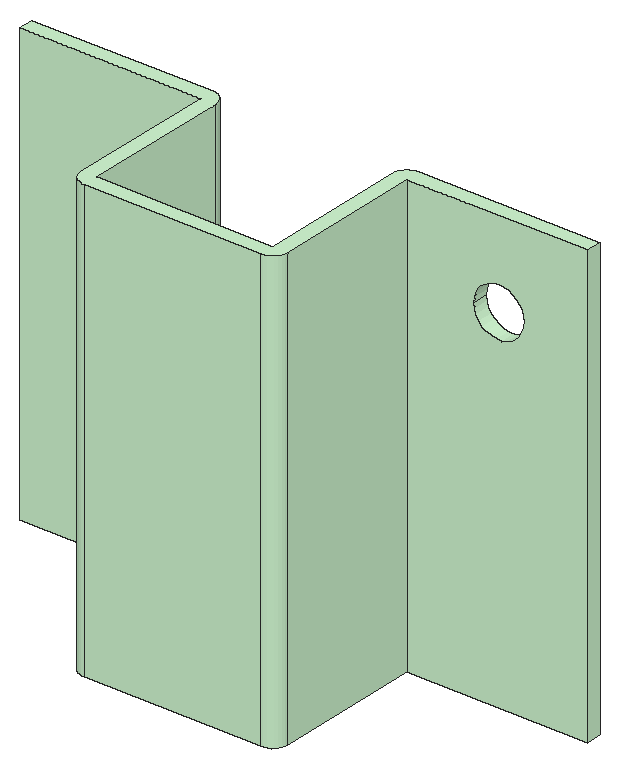
Revit family "ctsupport", category 機械設備, Revit 2022
Family settings
  丸型コネクタ寸法 = 直径を使用
  種別 = なし
  パーツ タイプ = 標準
  作業面ベース = いいえ
  常に垂直 = はい
  ロード時にボイドで切り取り = いいえ
  注釈の向きを維持 = いいえ
  共有 = いいえ
  部屋計算ポイント = いいえ
Parameters
  製造元 = "株式会社桐井製作所"
  既定の高さ = 0 mm
  URL = "https://www.kirii.co.jp/"
  K_品名 = "CTサポート"
  K_名称 = "ライン落下低減対策金具"
  K_入数 = "500"
  K_バージョン情報 = "20220915"
Reference planes
  plane 1 "中心(正面/背面)": y = 0
  plane 2: z = 0
  plane 3 "中心(左/右)": x = 0
Forms (mm)
  Extrusion 1, solid
    sketch origin (0, 0, 0) x (1, 0, 0) y (0, 1, 0)
      loop
        arc (8.2, 1.2) -> (7.351, 0.849) -> (7, 0) r 1.2
        line (7, 0) -> (7, -11.8) -> (-7, -11.8) -> (-7, 0)
        arc (-7, 0) -> (-7.351, 0.849) -> (-8.2, 1.2) r 1.2
        line (-8.2, 1.2) -> (-22.5, 1.2) -> (-22.5, 0) -> (-8.2, 0) -> (-8.2, -11.8)
        arc (-8.2, -11.8) -> (-7.849, -12.649) -> (-7, -13) r 1.2
        line (-7, -13) -> (7, -13)
        arc (7, -13) -> (7.849, -12.649) -> (8.2, -11.8) r 1.2
        line (8.2, -11.8) -> (8.2, 0) -> (22.5, 0) -> (22.5, 1.2) -> (8.2, 1.2)
    from -17.5 to 17.5
  Extrusion 2, void
    sketch origin (0, 0, 0) x (1, 0, 0) y (0, 0, 1)
      loop
        circle (-15.5, -10.412) r 2
      loop
        circle (15.5, 10.621) r 2
    from -1.2 to 0
Cuts and joins
  Extrusion 2 cuts Extrusion 1
Dimensions and locks
  aligned and locked: level to plane 2
